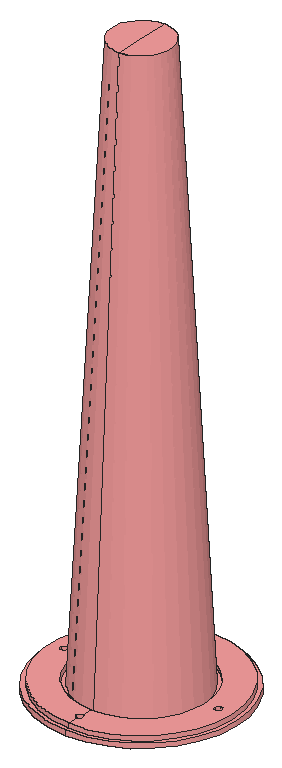
Revit family "Pipe_Sleeve-Plastic-Watts-WPS_Series(AMBAR ACESSORIO)", category Acessórios do tubo, Revit 2026
Family settings
  Cota do conector redondo = Utilizar diâmetro
  Tipo de parte = Normal
  Com base no plano de trabalho = Não
  Sempre na vertical = Não
  Corte com vazios quando carregada = Não
  Compartilhado = Sim
Parameters (values of type "WPS-1")
  Stage [instance] = if(Size Diameter = 0' 0 1/2", "1/2IN", if(Size Diameter = 0' 0 3/4", "3/4IN", if(Size Diameter = 0' 1", "1IN", if(Size Diameter = 0' 1 1/2", "1 1/2IN", if(Size Diameter = 0' 2", "2IN", if(Size Diameter = 0' 2 1/2", "2 1/2IN", if(Size Diameter = 0' 3", "3IN", if(Size Diameter = 0' 3 1/2", "3 1/2IN", if(Size Diameter = 0' 4", "4IN", if(Size Diameter = 0' 5", "5IN", if(Size Diameter = 0' 6", "6IN", if(Size Diameter = 0' 8", "8IN", if(Size Diameter = 0' 10", "10IN", "")))))))))))))  # "1IN"
  Size Radius = 0' - 0 1/2"
  Size Diameter = Size Radius * 2  # 0' - 1"
  Qtt = 1  # constant formula
  Pipe Sleeve = Pipe_Sleeve-Plastic-Watts-WPS_Series : WPS-1
  Material = Polypropylene-Watts-1
  Item Description = "Plastic Pipe Sleeve"
  Elevação padrão = 0' - 0"
Types (12): name | Stage | Size Radius | Size Diameter | Pipe Sleeve | Material | Item Description
  WPS-1 1/2 | "1 1/2IN" | 0' - 0 3/4" | 0' - 1 1/2" | Pipe_Sleeve-Plastic-Watts-WPS_Series : WPS-1 1/2 | Polypropylene-Watts-112 | "Plastic Pipe Sleeve"
  WPS-2 | "2IN" | 0' - 1" | 0' - 2" | Pipe_Sleeve-Plastic-Watts-WPS_Series : WPS-2 | Polypropylene-Watts-2 | "Plastic Pipe Sleeve"
  WPS-3 | "3IN" | 0' - 1 1/2" | 0' - 3" | Pipe_Sleeve-Plastic-Watts-WPS_Series : WPS-3 | Polypropylene-Watts-3 | "Plastic Pipe Sleeve"
  WPS-4 | "4IN" | 0' - 2" | 0' - 4" | Pipe_Sleeve-Plastic-Watts-WPS_Series : WPS-4 | Polypropylene-Watts-4 | "Plastic Pipe Sleeve"
  WPS-5 | "5IN" | 0' - 2 1/2" | 0' - 5" | Pipe_Sleeve-Plastic-Watts-WPS_Series : WPS-5 | Polypropylene-Watts-5 | "Plastic Pipe Sleeve"
  WPS-6 | "6IN" | 0' - 3" | 0' - 6" | Pipe_Sleeve-Plastic-Watts-WPS_Series : WPS-6 | Polypropylene-Watts-6 | "Plastic Pipe Sleeve"
  WPS-8 | "8IN" | 0' - 4" | 0' - 8" | Pipe_Sleeve-Plastic-Watts-WPS_Series : WPS-8 | Polypropylene-Watts-8 | "Plastic Pipe Sleeve"
  WPS-10 | "10IN" | 0' - 5" | 0' - 10" | Pipe_Sleeve-Plastic-Watts-WPS_Series : WPS-10 | Polypropylene-Watts-Black | "Plastic Pipe Sleeve"
  WPS-12 | "" | 0' - 6" | 1' - 0" | Pipe_Sleeve-Plastic-Watts-WPS_Series : WPS-12 | Polypropylene-Watts-Black | "Plastic Pipe Sleeve Ø12\""
  WPS-1 | "1IN" | 0' - 0 1/2" | 0' - 1" | Pipe_Sleeve-Plastic-Watts-WPS_Series : WPS-1 | Polypropylene-Watts-1 | "Plastic Pipe Sleeve"
  WPS-3/4 | "3/4IN" | 0' - 0 3/8" | 0' - 0 3/4" | Pipe_Sleeve-Plastic-Watts-WPS_Series : WPS-3/4 | Polypropylene-Watts-3/4 | "Plastic Pipe Sleeve"
  WPS-1/2 | "1/2IN" | 0' - 0 1/4" | 0' - 0 1/2" | Pipe_Sleeve-Plastic-Watts-WPS_Series : WPS-1/2 | Polypropylene-Watts-1/2 | "Plastic Pipe Sleeve"
Reference planes (in)
  plane 1 "Center (Front/Back)": y = 0
  plane 2: z = -8.125
  plane 3 "Center (Left/Right)": x = 0
Dimensions and locks (in)
  aligned and locked: plane 2 to level
Nested families (in)
  nested 1: "Pipe_Sleeve-Plastic-Watts-WPS_Series" at (0, 0, -8.125) x (1, 0, 0) z (0, 0, -1), type <- "Pipe Sleeve", type "WPS-1"
Definition of nested family "Pipe_Sleeve-Plastic-Watts-WPS_Series"
  Parameters (values of type "WPS-1 1/2")
    Warranty Documentation Link = "https://www.watts.ca/resources/warranty-information"
    URL = "https://www.watts.ca/"
    Type Comments = ""
    Taper Degree = 3.00°
    Size Radius = 0' - 0 3/4"
    Size Diameter = Size Radius * 2  # 0' - 1 1/2"
    Region = "North America"  # constant formula
    Product data url = "https://bimobject.com/watts/product/WPS-Plastic-Pipe-Sleeves"
    Product Page URL = "https://www.watts.ca/products/drainage-solutions/drainage-specialties/pipe-sleeves/wps-series"
    Product Documentation Link = "https://www.watts.ca/dfsmedia/0533dbba17714b1ab581ab07a4cbb521/53299-source/es-wd-wps-series-can"
    Price = "Prices may vary. Please consult Manufacturer Representative for most up-to-date price list."  # constant formula
    Model = "WPS-1 1/2"
    Material = "Polypropylene-Watts-Black"  # constant formula
    Manufacturer Product Line = "Drainage Solutions"  # constant formula
    Manufacturer = "Watts"
    Length = 0' - 8 1/8"
    Finish = none
    Description = "Plastic Pipe Sleeves"  # constant formula
    Default Elevation = 0' - 0"
    Creation Date = "05/31/2022"  # constant formula
    Country = "Canada"  # constant formula
    Carton Qty = "336"
    Buy American Compliant (-US) = no
    Assembly Code = "D2090800"
  Types (9): name | Taper Degree | Size Radius | Size Diameter | Model | Carton Qty
    WPS-1 1/2 | 3.00° | 0' - 0 3/4" | 0' - 1 1/2" | "WPS-1 1/2" | "336"
    WPS-2 | 3.00° | 0' - 1" | 0' - 2" | "WPS-2" | "280"
    WPS-3 | 3.00° | 0' - 1 1/2" | 0' - 3" | "WPS-3" | "168"
    WPS-4 | 3.00° | 0' - 2" | 0' - 4" | "WPS-4" | "96"
    WPS-5 | 3.00° | 0' - 2 1/2" | 0' - 5" | "WPS-5" | "72"
    WPS-6 | 3.00° | 0' - 3" | 0' - 6" | "WPS-6" | "40"
    WPS-8 | 3.00° | 0' - 4" | 0' - 8" | "WPS-8" | "N/A"
    WPS-10 | 3.00° | 0' - 5" | 0' - 10" | "WPS-10" | "N/A"
    WPS-12 | 1.00° | 0' - 6" | 1' - 0" | "WPS-12" | "N/A"
  Reference planes (in)
    plane 1 "Center (Front/Back)": y = 0
    plane 2: z = 0
    plane 3 "Center (Left/Right)": x = 0
    plane 4: y = 0.75
    plane 5: y = -0.75
    plane 6: z = -8.125
    plane 7: x = -0.75
    plane 8: x = 0.75
  Forms (in)
    Extrusion 1, solid, not visible
      sketch origin (0, 0, 0) x (1, 0, 0) y (0, 1, 0)
        loop
          line (-48, 48) -> (-48, -48) -> (48, -48) -> (48, 48) -> (-48, 48)
      from 0 to -12
    Revolve 2, solid, material <- "Finish"
      sketch origin (0, 0, 0) x (0, 1, 0) y (0, 0, 1)
        loop
          line (0.75, 0) -> (0.32806, -8.05108) -> (0, -8.05108) -> (0, -8.125) -> (0.39949, -8.125) -> (0.82192, -0.06461) -> (0.88488, -0.06461) -> (0.88488, -0.12757) -> (1.26529, -0.12757) -> (1.26529, -0.06461) -> (1.323, -0.06461) -> (1.323, 0) -> (0.75, 0)
        axis (0, 0) -> (0, -8.125)
      angle from 0 to 360
    Extrusion 3, void
      sketch origin (0, 0, 0) x (1, 0, 0) y (0, 1, 0)
        loop
          circle (0, 1.07556) r 0.0473
        loop
          circle (0, -1.07556) r 0.0473
        loop
          circle (-1.07556, 0) r 0.0473
        loop
          circle (1.07556, 0) r 0.0473
      from -0.12757 to 0
  Cuts and joins
    Extrusion 3 cuts Revolve 2
  Lines and regions (in)
    symbolic lines, detail levels fine
      curve 1: circle (-1.07556, 0, 0) r 0.0473 normal (0, 0, 1)
      curve 2: circle (0, 1.07556, 0) r 0.0473 normal (0, 0, 1)
      curve 3: circle (1.07556, 0, 0) r 0.0473 normal (0, 0, 1)
      curve 4: circle (0, -1.07556, 0) r 0.0473 normal (0, 0, 1)
  Dimensions and locks (in)
    "Length": level to plane 6
    equal spacing: plane 4, plane 1 "Center (Front/Back)", plane 5
    "Size Diameter": plane 4 to plane 5
    "Size Radius": Revolve 2 sketch curve to plane 1 "Center (Front/Back)"
    Revolve 2 sketch curve to Revolve 2 sketch curve to Revolve 2 sketch curve to plane 4 = 0' - 0.05772" locked, 0' - 0.38041" locked, 0' - 0.13488" locked
    locked: Revolve 2 sketch curve to Revolve 2 sketch curve at 0.0752
    equal spacing: plane 7, plane 3 "Center (Left/Right)", plane 8
    "Size Diameter": plane 7 to plane 8
    locked: plane 4 to Extrusion 3 sketch curve at 0.32556
    locked: plane 5 to Extrusion 3 sketch curve at 0.32556
    locked: Extrusion 3 sketch curve to plane 7 at 0.32556
    locked: plane 8 to Extrusion 3 sketch curve at 0.32556
    locked: Revolve 2 sketch curve to plane 6 at 0.07392
    locked: Extrusion 1 to Revolve 2 sketch curve at 0.12757
    Extrusion 1 to Revolve 2 sketch curve to Revolve 2 sketch curve = 0' - 0.06461" locked, 0' - 0" locked
    "Taper Degree": angle plane 4 to Revolve 2 sketch curve
    aligned and locked: plane 2 to Extrusion 1
    aligned and locked: level to Extrusion 1
    aligned and locked: Revolve 2 sketch curve to plane 1 "Center (Front/Back)"
    aligned and locked: plane 1 "Center (Front/Back)" to Revolve 2 sketch curve
    aligned and locked: Extrusion 1 to Revolve 2 sketch curve
    aligned and locked: plane 3 "Center (Left/Right)" to Extrusion 3 sketch curve  (x2)
    aligned and locked: plane 1 "Center (Front/Back)" to Extrusion 3 sketch curve  (x2)
    aligned and locked: Extrusion 3 to Revolve 2
    aligned and locked: level to Extrusion 3
    aligned and locked: curve 1 to cut or joined group of Revolve 2, Extrusion 3
    aligned and locked: curve 2 to cut or joined group of Revolve 2, Extrusion 3
    aligned and locked: curve 3 to cut or joined group of Revolve 2, Extrusion 3
    aligned and locked: curve 4 to cut or joined group of Revolve 2, Extrusion 3
    aligned and locked: Revolve 2 sketch curve to plane 6
  Automatic sketch dimensions
    Extrusion 1 sketch curve to Extrusion 1 sketch curve = 8' - 0"  (x2)
    Revolve 2 sketch curve to plane 6 = 0' - 0 3/4"
    Revolve 2 sketch curve to Revolve 2 sketch curve = 0' - 1"
    radius of Extrusion 3 sketch curve = 0' - 0.0473"  (x4)
